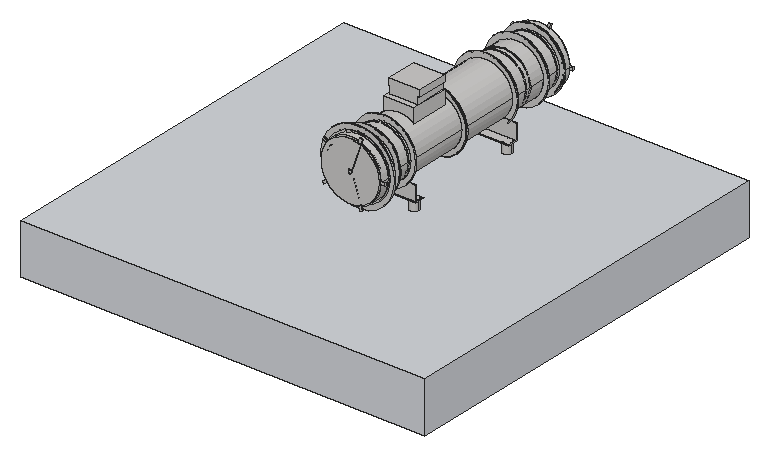
Revit family "HARMANN - REVIT - MAXEE - poziomy", category Wyposażenie mechaniczne, Revit 2025 (continued)
Types (40, lengths in mm): name | Zasilanie natężenie maksymalne Imax | Zasilanie Moc maksymalna Pmax | Zasilanie Częstotliwość Maksymalna fmax | Wysokość FSD | Wysokość FAL | Wysokość | TRA | R2 | Numer artykułu | Długość RVS SPR | Długość RVK H SPR | Długość RVK H | Długość EXP od strony tłoczonej SPR | Długość EXP SPR | Długość RAF SPR | Długość ESD SPR | Czy Przyłącze okrągłe RVS | Powietrze ciśnienie statyczne maksymalne dPmax | Powietrze Przepływ Maksymalny Qmax | Obroty nominalne nnom | N1 | Model | Moc akustyczna nominalna obudowa Lwa | Masa | MAXEE | Lookup Table Name | Klasa odporności ogniowej Tmax | F | Długość TRA | Długość RVS | Długość EXP | Długość RAF | Długość MAXEE | Długość ESD | D2 | D | Ciśnienie akustyczne nominalne obudowa Lpa | C | B | Akc SGE dla ESD | Akc SGE | Akc RVS | Akc RVK H | Akc EXP | Akc RAF | Akc FSD | Akc FAL | Akc ESD | A
  MAXEE 355/2/6900T | 2.3 A | 1520 W | 50 Hz | 57.00 | 99.00 | 136.00 | no | 177.50 | "15412500" | 368.00 | 233.00 | 233.00 | 120.00 | 120.00 | 48.00 | 89.00 | yes | 440.0 Pa | 6915.0 m³/h | 2910.000 obr./min | 4 | "MAXEE 355/2/6900T" | "73 dB(A)" | 21.20 kg | HARMANN - MAXEE : MAXEE 355/2/6900T | "MAXEE" | "brak" | 396.00 | 704.00 | 368.00 | 120.00 | 48.00 | 383.00 | 89.00 | 361.00 | 355.00 | "66 dB(A)" | 395.00 | 383.00 | HARMANN - Akcesoria - SGE : SGE 400 | HARMANN - Akcesoria - SGE : SGE 355 | HARMANN - Akcesoria - RVS : RVS 355 | HARMANN - Akcesoria - RVK H : RVK H 355 | HARMANN - Akcesoria - EXP : EXP 355 | HARMANN - Akcesoria - RAF : RAF 355 | HARMANN - Akcesoria - FSD : FSD 01 | HARMANN - Akcesoria - FAL : FAL 355 | HARMANN - Akcesoria - ESD : ESD 355 | 420.00
  MAXEE 355/4/4800T | 0.8 A | 575 W | 70 Hz | 57.00 | 99.00 | 136.00 | no | 177.50 | "15412300" | 368.00 | 233.00 | 233.00 | 120.00 | 120.00 | 48.00 | 89.00 | yes | 230.0 Pa | 4870.0 m³/h | 2050.000 obr./min | 3 | "MAXEE 355/4/4800T" | "65 dB(A)" | 20.30 kg | HARMANN - MAXEE : MAXEE 355/4/4800T | "MAXEE" | "brak" | 396.00 | 704.00 | 368.00 | 120.00 | 48.00 | 383.00 | 89.00 | 361.00 | 355.00 | "58 dB(A)" | 395.00 | 383.00 | HARMANN - Akcesoria - SGE : SGE 400 | HARMANN - Akcesoria - SGE : SGE 355 | HARMANN - Akcesoria - RVS : RVS 355 | HARMANN - Akcesoria - RVK H : RVK H 355 | HARMANN - Akcesoria - EXP : EXP 355 | HARMANN - Akcesoria - RAF : RAF 355 | HARMANN - Akcesoria - FSD : FSD 01 | HARMANN - Akcesoria - FAL : FAL 355 | HARMANN - Akcesoria - ESD : ESD 355 | 420.00
  MAXEE 315/2/5800T | 1.9 A | 1380 W | 60 Hz | 57.00 | 98.00 | 116.50 | no | 157.50 | "15413200" | 383.00 | 233.00 | 233.00 | 120.00 | 120.00 | 48.00 | 79.00 | yes | 490.0 Pa | 5805.0 m³/h | 3460.000 obr./min | 2 | "MAXEE 315/2/5800T" | "75 dB(A)" | 18.50 kg | HARMANN - MAXEE : MAXEE 315/2/5800T | "MAXEE" | "Brak" | 396.00 | 719.00 | 383.00 | 120.00 | 48.00 | 383.00 | 79.00 | 321.00 | 315.00 | "68 dB(A)" | 355.00 | 383.00 | HARMANN - Akcesoria - SGE : SGE 355 | HARMANN - Akcesoria - SGE : SGE 315 | HARMANN - Akcesoria - RVS : RVS 315 | HARMANN - Akcesoria - RVK H : RVK H 315 | HARMANN - Akcesoria - EXP : EXP 315 | HARMANN - Akcesoria - RAF : RAF 315 | HARMANN - Akcesoria - FSD : FSD 01 | HARMANN - Akcesoria - FAL : FAL 315 | HARMANN - Akcesoria - ESD : ESD 315 | 380.00
  MAXEE 315/4/3950T | 0.7 A | 170 W | 80 Hz | 57.00 | 98.00 | 116.50 | no | 157.50 | "15413400" | 383.00 | 233.00 | 233.00 | 120.00 | 120.00 | 48.00 | 79.00 | yes | 215.0 Pa | 3940.0 m³/h | 2355.000 obr./min | 1 | "MAXEE 315/4/3950T" | "65 dB(A)" | 19.30 kg | HARMANN - MAXEE : MAXEE 315/4/3900T | "MAXEE" | "brak" | 396.00 | 719.00 | 383.00 | 120.00 | 48.00 | 383.00 | 79.00 | 321.00 | 315.00 | "58 dB(A)" | 355.00 | 383.00 | HARMANN - Akcesoria - SGE : SGE 355 | HARMANN - Akcesoria - SGE : SGE 315 | HARMANN - Akcesoria - RVS : RVS 315 | HARMANN - Akcesoria - RVK H : RVK H 315 | HARMANN - Akcesoria - EXP : EXP 315 | HARMANN - Akcesoria - RAF : RAF 315 | HARMANN - Akcesoria - FSD : FSD 01 | HARMANN - Akcesoria - FAL : FAL 315 | HARMANN - Akcesoria - ESD : ESD 315 | 380.00
